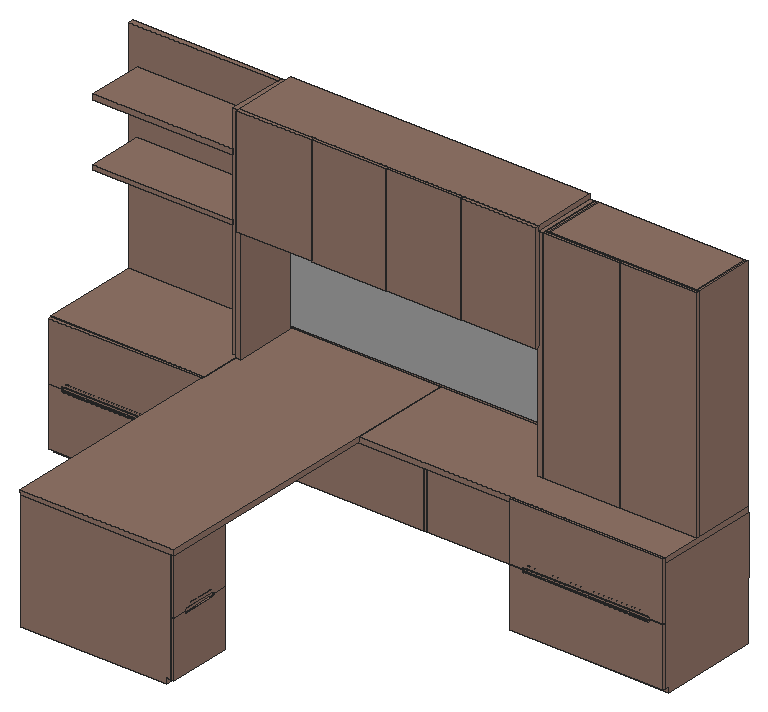
Revit family "OFS TYPICAL T100008", category Furniture, Revit 2022 (continued)
Definition of nested family "OFS SLATE WORKSURFACE STORAGE CABINET"
  Types (24): name | Width | Single Door | Right | Model | Left | Height | Double Doors | Doors | Description | Depth
    Worksurface Storage Cabinet Legal Depth 51.5H - Single Door Right - 18W x 15D | 1' - 6" | yes | yes | "CA-181852WSCR" | no | 4' - 4" | no | no | "OFS SLATE Worksurface Storage Cabinet, Legal Depth, Single Door Right 18W x 15D x 51.5H, Slate Private Office" | 1' - 6"
    Worksurface Storage Cabinet Legal Depth 39.5H - Single Door Left - 24W x 15D | 2' - 0" | yes | no | "CA-241840WSCL" | yes | 3' - 4" | no | yes | "OFS SLATE Worksurface Storage Cabinet, Legal Depth, Single Door Left 24W x 15D x 39.5H, Slate Private Office" | 1' - 6"
    Worksurface Storage Cabinet Legal Depth 39.5H - Single Door Left - 18W x 15D | 1' - 6" | yes | no | "CA-181840WSCL" | yes | 3' - 4" | no | yes | "OFS SLATE Worksurface Storage Cabinet, Legal Depth, Single Door Left 18W x 15D x 39.5H, Slate Private Office" | 1' - 6"
    Worksurface Storage Cabinet Legal Depth 39.5H - Single Door Right - 24W x 15D | 2' - 0" | yes | yes | "CA-241840WSCR" | no | 3' - 4" | no | no | "OFS SLATE Worksurface Storage Cabinet, Legal Depth, Single Door Right 24W x 15D x 39.5H, Slate Private Office" | 1' - 6"
    Worksurface Storage Cabinet Legal Depth 39.5H - Single Door Right - 18W x 15D | 1' - 6" | yes | yes | "CA-181840WSCR" | no | 3' - 4" | no | no | "OFS SLATE Worksurface Storage Cabinet, Legal Depth, Single Door Right 18W x 15D x 39.5H, Slate Private Office" | 1' - 6"
    Worksurface Storage Cabinet 51.5H - Double Doors - 36W x 15D | 3' - 0" | no | no | "CA-3652WSC" | no | 4' - 4" | yes | yes | "OFS SLATE Worksurface Storage Cabinet Double Doors 36W x 15D x 51.5H, Slate Private Office" | 1' - 3"
    Worksurface Storage Cabinet 51.5H - Double Doors - 30W x 15D | 2' - 6" | no | no | "CA-3052WSC" | no | 4' - 4" | yes | yes | "OFS SLATE Worksurface Storage Cabinet Double Doors 30W x 15D x 51.5H, Slate Private Office" | 1' - 3"
    Worksurface Storage Cabinet 39.5H - Double Doors - 36W x 15D | 3' - 0" | no | no | "CA-3640WSC" | no | 3' - 4" | yes | yes | "OFS SLATE Worksurface Storage Cabinet Double Doors 36W x 15D x 39.5H, Slate Private Office" | 1' - 3"
    Worksurface Storage Cabinet 39.5H - Double Doors - 30W x 15D | 2' - 6" | no | no | "CA-3040WSC" | no | 3' - 4" | yes | yes | "OFS SLATE Worksurface Storage Cabinet Double Doors 30W x 15D x 39.5H, Slate Private Office" | 1' - 3"
    Worksurface Storage Cabinet 51.5H - Single Door Left - 24W x 15D | 2' - 0" | yes | no | "CA-2452WSCL" | yes | 4' - 4" | no | yes | "OFS SLATE Worksurface Storage Cabinet Single Door Left 24W x 15D x 51.5H, Slate Private Office" | 1' - 3"
    Worksurface Storage Cabinet 51.5H - Single Door Left - 18W x 15D | 1' - 6" | yes | no | "CA-1852WSCL" | yes | 4' - 4" | no | yes | "OFS SLATE Worksurface Storage Cabinet Single Door Left 18W x 15D x 51.5H, Slate Private Office" | 1' - 3"
    Worksurface Storage Cabinet 51.5H - Single Door Right - 24W x 15D | 2' - 0" | yes | yes | "CA-2452WSCR" | no | 4' - 4" | no | no | "OFS SLATE Worksurface Storage Cabinet Single Door Right 24W x 15D x 51.5H, Slate Private Office" | 1' - 3"
    Worksurface Storage Cabinet 51.5H - Single Door Right - 18W x 15D | 1' - 6" | yes | yes | "CA-1852WSCR" | no | 4' - 4" | no | no | "OFS SLATE Worksurface Storage Cabinet Single Door Right 18W x 15D x 51.5H, Slate Private Office" | 1' - 3"
    Worksurface Storage Cabinet 39.5H - Single Door Left - 24W x 15D | 2' - 0" | yes | no | "CA-2440WSCL" | yes | 3' - 4" | no | yes | "OFS SLATE Worksurface Storage Cabinet Single Door Left 24W x 15D x 39.5H, Slate Private Office" | 1' - 3"
    Worksurface Storage Cabinet 39.5H - Single Door Left - 18W x 15D | 1' - 6" | yes | no | "CA-1840WSCL" | yes | 3' - 4" | no | yes | "OFS SLATE Worksurface Storage Cabinet Single Door Left 18W x 15D x 39.5H, Slate Private Office" | 1' - 3"
    Worksurface Storage Cabinet 39.5H - Single Door Right - 24W x 15D | 2' - 0" | yes | yes | "CA-2440WSCR" | no | 3' - 4" | no | no | "OFS SLATE Worksurface Storage Cabinet Single Door Right 24W x 15D x 39.5H, Slate Private Office" | 1' - 3"
    Worksurface Storage Cabinet 39.5H - Single Door Right - 18W x 15D | 1' - 6" | yes | yes | "CA-1840WSCR" | no | 3' - 4" | no | no | "OFS SLATE Worksurface Storage Cabinet Single Door Right 18W x 15D x 39.5H, Slate Private Office" | 1' - 3"
  Reference planes (in)
    plane 1 "Center (Front/Back)": y = 0
    plane 2: z = 0
    plane 3 "Center (Left/Right)": x = 0
    plane 4: x = 18
    plane 5: x = 9
    plane 6: z = 29.3125
    plane 7: z = 29.25
    plane 8: z = 68.6875
    plane 9: z = 30
    plane 10: z = 68.75
    plane 11: z = 68
    plane 12: z = 69.25
  Dimensions and locks (in)
    "Width": plane 3 "Center (Left/Right)" to plane 4
    equal spacing: plane 3 "Center (Left/Right)", plane 5, plane 4
    plane 12 to plane 10 to plane 8 to plane 11 = 0' - 0 1/2" locked, 0' - 0 1/16" locked, 0' - 0 11/16" locked
    plane 9 to plane 6 to plane 7 = 0' - 0 11/16" locked, 0' - 0 1/16" locked
    "Height": plane 12 to plane 7
    "Elevation": plane 7 to level
    equal spacing: nested 2, nested 4, plane 3 "Center (Left/Right)"
    aligned and locked: level to plane 2
    aligned and locked: nested 3 to nested 1
    aligned and locked: plane 5 to nested 3
    aligned and locked: nested 4 to nested 3
  Nested families (in)
    nested 1: "OFS_Slate Private Office_Worksurface_Storage_Cabinet" at (0, 0, 0), visible <- "Doors", Top <- "Top", Panel <- "Panel", Drawers <- "Door", Case <- "Case", Base <- "Base", Back <- "Back", Elevation <- "Elevation", Double Doors <- "Double Doors", Left <- "Left", type "OFS_Slate Private Office_Worksurface_Storage_Cabinet"
      with Top none, Single Door yes, Right no, Panel none, Left yes, Elevation 2' - 5 1/4", Drawers none, Double Doors no, Case none, Base none, Back none, Depth 1' - 6"
    nested 2: "OFS_Slate Private Office_Worksurface_Storage_Cabinet" at (0, 0, 0) x (-1, 0, 0) z (0, 0, 1), visible <- "Right", Top <- "Top", Panel <- "Panel", Drawers <- "Door", Case <- "Case", Base <- "Base", Back <- "Back", Elevation <- "Elevation", type "OFS_Slate Private Office_Worksurface_Storage_Cabinet"
      with Top none, Single Door yes, Right no, Panel none, Left yes, Elevation 2' - 5 1/4", Drawers none, Double Doors no, Case none, Base none, Back none, Depth 1' - 6"
    nested 3: "Tag" at (9, -21, 0) x (-1, 0, 0) z (0, 0, 1), visible <- "Doors", type "Center", detail levels fine
      with Offset (LR) 0' - 0"
    nested 4: "Tag" at (-9, -21, 0), visible <- "Right", type "Center", detail levels fine
      with Offset (LR) 0' - 0"
  Definition of nested family "OFS_Slate Private Office_Worksurface_Storage_Cabinet"
    Parameters
      Width = 1' - 6"
      URL = "http://www.ofsbrands.com/"
      Top [instance] = none
      Single Door [instance] = yes
      Right [instance] = no
      Panel [instance] = none
      Model = "Type Catalog"
      Manufacturer = "OFS BRANDS"  # constant formula
      Left [instance] = yes
      Height = 3' - 4"
      Elevation [instance] = 2' - 5 1/4"
      Drawers [instance] = none
      Double Doors [instance] = no
      Description = "Type Catalog"
      Depth = 1' - 3"
      Default Elevation = 0' - 0"
      Copyright © = "© 2016 OFS BRANDS"  # constant formula
      Catalog = "OFS"  # constant formula
      Case [instance] = none
      Base [instance] = none
      Back [instance] = none
      Authoring Version = "Autodesk Revit Architecture 2014"  # constant formula
      Assembly Code = "E2020200"
    Reference planes (in)
      plane 1 "Center (Front/Back)": y = 0
      plane 2: z = 0
      plane 3 "Center (Left/Right)": x = 0
      plane 4: x = 0.75
      plane 5: x = 17.25
      plane 6: x = 18
      plane 7: x = 17.9375
      plane 8: x = 0.0625
      plane 9: x = 9
      plane 10: y = -0.75
      plane 11: y = -18
      plane 12: y = -15.10681
      plane 13: y = -14.35681
      plane 14: y = -14.25
      plane 15: z = 29.3125
      plane 16: z = 29.25
      plane 17: z = 68.6875
      plane 18: z = 30
      plane 19: z = 68.75
      plane 20: z = 68
      plane 21: z = 69.25
      plane 22: y = -15
    Forms (in)
      Extrusion 1, solid, material <- "Case"
        sketch origin (0, 0, 0) x (1, 0, 0) y (0, 0, 1)
          loop
            line (0, 68.75) -> (0, 29.25) -> (0.75, 29.25) -> (0.75, 68.75) -> (0, 68.75)
          loop
            line (17.25, 68.75) -> (17.25, 29.25) -> (18, 29.25) -> (18, 68.75) -> (17.25, 68.75)
        from 0 to 14.25
      Extrusion 2, solid, material <- "Drawers", visible <- "Double Doors"
        sketch origin (-3.04745, -15.10681, 47.24409) x (-1, 0, 0) y (0, 0, 1)
          loop
            line (-11.98495, 21.44341) -> (-11.98495, -17.9316) -> (-3.10995, -17.9316) -> (-3.10995, 21.44341) -> (-11.98495, 21.44341)
          loop
            line (-12.10995, 21.44341) -> (-20.98495, 21.44341) -> (-20.98495, -17.9316) -> (-12.10995, -17.9316) -> (-12.10995, 21.44341)
        from 0 to 0.75
      Extrusion 3, solid, material <- "Drawers", visible <- "Single Door"
        sketch origin (-3.04745, -15.10681, 47.24409) x (-1, 0, 0) y (0, 0, 1)
          loop
            line (-3.10995, 21.44341) -> (-20.98495, 21.44341) -> (-20.98495, -17.9316) -> (-3.10995, -17.9316) -> (-3.10995, 21.44341)
        from 0 to 0.75
      Extrusion 4, solid, material <- "Back"
        sketch origin (59.59592, -60, 29.25) x (0, -1, 0) y (-1, 0, 0)
          loop
            line (-60, 58.84592) -> (-60, 42.34592) -> (-59.25, 42.34592) -> (-59.25, 58.84592) -> (-60, 58.84592)
        from 0 to -38.75
      Extrusion 5, solid, material <- "Top"
        sketch origin (-3.04745, -14.25, 47.24409) x (-1, 0, 0) y (0, 0, 1)
          loop
            line (-3.79745, 20.7559) -> (-3.79745, 21.5059) -> (-20.29745, 21.5059) -> (-20.29745, 20.7559) -> (-3.79745, 20.7559)
        from 0 to 14.25
      Extrusion 6, solid, material <- "Base"
        sketch origin (-3.04745, -14.25, 47.24409) x (-1, 0, 0) y (0, 0, 1)
          loop
            line (-3.79745, -17.24409) -> (-20.29745, -17.24409) -> (-20.29745, -17.99409) -> (-3.79745, -17.99409) -> (-3.79745, -17.24409)
        from 0 to 13.5
    Lines and regions (in)
      Masking region 1
        outline origin (-58.79662, -60, 68.75) x (-1, 0, 0) y (0, -1, 0)
          loop
            line (-58.79662, -60) -> (-58.79662, -44.89319) -> (-76.79662, -44.89319) -> (-76.79662, -60) -> (-58.79662, -60)
      symbolic lines, visible <- "Left", detail levels medium+fine
        curve 1: line (0, -15.10681, 68.75) -> (18, -18, 68.75)
        curve 3: line (18, -18, 68.75) -> (18, -15.10681, 68.75)
      symbolic lines, detail levels medium+fine
        curve 2: line (18, -15.10681, 68.75) -> (0, -15.10681, 68.75)
      symbolic lines, visible <- "Right", detail levels medium+fine
        curve 4: line (0, -18, 68.75) -> (18, -15.10681, 68.75)
        curve 5: line (0, -15.10681, 68.75) -> (0, -18, 68.75)
      symbolic lines, visible <- "Double Doors", detail levels medium+fine
        curve 6: line (0, -15.10681, 68.75) -> (9, -18, 68.75)
        curve 7: line (18, -15.10681, 68.75) -> (9, -18, 68.75)
    Dimensions and locks (in)
      locked: plane 10 to plane 1 "Center (Front/Back)" at 0.75
      plane 14 to plane 13 to plane 22 to plane 12 to plane 11 = 0' - 0.10681" locked, 0' - 0.64319" locked, 0' - 0.10681" locked, 0' - 2.89319" locked
      plane 3 "Center (Left/Right)" to plane 8 to plane 4 = 0' - 0 1/16" locked, 0' - 0 11/16" locked
      plane 5 to plane 7 to plane 6 = 0' - 0 11/16" locked, 0' - 0 1/16" locked
      "Width": plane 3 "Center (Left/Right)" to plane 6
      equal spacing: plane 3 "Center (Left/Right)", plane 9, plane 6
      plane 21 to plane 19 to plane 17 to plane 20 = 0' - 0 1/2" locked, 0' - 0 1/16" locked, 0' - 0 11/16" locked
      plane 18 to plane 15 to plane 16 = 0' - 0 11/16" locked, 0' - 0 1/16" locked
      "Height": plane 21 to plane 16
      "Elevation": plane 16 to level
      Extrusion 2 sketch curve to plane 9 to Extrusion 2 sketch curve = 0' - 0 1/16" locked, 0' - 0 1/16" locked
      "Depth": plane 1 "Center (Front/Back)" to plane 22
      aligned and locked: level to plane 2
      aligned and locked: Extrusion 1 sketch curve to plane 19  (x2)
      aligned and locked: plane 3 "Center (Left/Right)" to Extrusion 1 sketch curve
      aligned and locked: Extrusion 1 sketch curve to plane 16  (x2)
      aligned and locked: Extrusion 1 sketch curve to plane 4
      aligned and locked: Extrusion 1 sketch curve to plane 5
      aligned and locked: Extrusion 1 sketch curve to plane 6
      aligned and locked: Extrusion 1 to plane 14
      aligned and locked: Extrusion 2 sketch curve to plane 17
      aligned and locked: plane 15 to Extrusion 2 sketch curve
      aligned and locked: plane 17 to Extrusion 2 sketch curve
      aligned and locked: Extrusion 2 sketch curve to plane 15
      aligned and locked: Extrusion 2 sketch curve to plane 7
      aligned and locked: Extrusion 3 sketch curve to Extrusion 2  (x3)
      aligned and locked: Extrusion 3 sketch curve to plane 17
      aligned and locked: Extrusion 2 to plane 13
      aligned and locked: Extrusion 4 sketch curve to Extrusion 1
      aligned and locked: Extrusion 1 to Extrusion 4 sketch curve
      aligned and locked: plane 10 to Extrusion 4 sketch curve
      aligned and locked: plane 5 to Extrusion 4 sketch curve
      aligned and locked: Extrusion 4 to plane 20
      aligned and locked: Extrusion 5 sketch curve to Extrusion 4  (x2)
      aligned and locked: Extrusion 1 to Extrusion 5 sketch curve  (x2)
      aligned and locked: Extrusion 6 sketch curve to plane 18
      aligned and locked: Extrusion 6 sketch curve to plane 4
      aligned and locked: Extrusion 6 sketch curve to Extrusion 4
      aligned and locked: Extrusion 6 sketch curve to Extrusion 1
      aligned and locked: plane 10 to Extrusion 6
      aligned and locked: Extrusion 5 to plane 1 "Center (Front/Back)"
      aligned and locked: Extrusion 5 to plane 14
      aligned and locked: Masking region 1 sketch curve to Extrusion 1  (x3)
      aligned and locked: plane 12 to Masking region 1 sketch curve
      aligned and locked: plane 12 to curve 1
      aligned and locked: plane 11 to curve 1
      aligned and locked: curve 3 to plane 6
      aligned and locked: plane 12 to curve 4
      aligned and locked: curve 4 to plane 3 "Center (Left/Right)"
      aligned and locked: plane 11 to curve 4
      aligned and locked: Extrusion 3 to plane 13
      aligned and locked: curve 6 to plane 9
      aligned and locked: plane 3 "Center (Left/Right)" to curve 6
      aligned and locked: plane 6 to curve 7
    Automatic sketch dimensions
      Extrusion 2 sketch curve to plane 8 = 0' - 0"
      plane 11 to curve 6 = 0' - 0"
  Definition of nested family "Tag"
    Parameters
      P_Width = 0' - 0"
      Text_Width = "Empty"
      Text_Height = "Empty"
      Text_Diameter = "Empty"
      Text_Depth = "Empty"
      Offset (LR) [instance] = 0' - 0"
      Model Name = "Type Catalog"
      P_Height = 0' - 0"
      Distance of Center (not Change) = 0' - 0.1"
      P_Diameter = 0' - 0"
      P_Depth = 0' - 0"
    Reference planes (in)
      plane 1: y = 0
      plane 2: x = 0
    Lines and regions (in)
      reference lines
        curve 1: line (-0.44359, 0.1, 0) -> (0.41085, 0.1, 0)
        curve 3: line (0, 0.42564, 0) -> (0, -0.30221, 0)
      reference lines, not visible
        curve 2: line (-0.44359, 0.09843, 0) -> (0.41085, 0.09843, 0)
        curve 4: line (0, 0.42407, 0) -> (0, -0.30379, 0)
    Text (in)
      label "Empty" at (0.00197, 0.0921, 0), shows "Model Name"
      label "Empty" at (0.00197, 0.09052, 0), shows "Model Name", not visible
    Dimensions and locks (in)
      "Distance of Center (not Change)": plane 1 to curve 1
      "Offset (LR)": curve 3 to plane 2
    Automatic sketch dimensions
      curve 1 to curve 3 = 0' - 0.44359"
      curve 3 to curve 1 = 0' - 0.41085"
      curve 3 to curve 1 = 0' - 0.40221"
      curve 1 to curve 3 = 0' - 0.32564"
      curve 2 to curve 4 = 0' - 0.44359"
      curve 4 to curve 2 = 0' - 0.41085"
      curve 4 to curve 2 = 0' - 0.40221"
      curve 2 to curve 4 = 0' - 0.32564"
Definition of nested family "OFS SLATE TACKBOARDS"
  Parameters (values of type "Tackboard 102W x 19D")
    Width = 8' - 6"
    URL = "http://www.ofs.com/"
    Model = "CA-10219HFT"
    Manufacturer = "CAROLINA"
    Height = 1' - 7"
    Elevation [instance] = 2' - 6 1/2"
    Description = "OFS SLATE Inside Back Panel, Fabric Tackboard, 98.50W x 19D x 0,5H, Slate Private Office"
    Default Elevation = 0' - 0"
    Copyright © = "© 2019 OFS"
    Catalog = "https://ofs.com/products/tables/conference/slate"
    Board [instance] = none
    Authoring Version = "Autodesk Revit Architecture 2014"
    Assembly Code = "E2020200"
    2 Piece = Width > 8' 0"  # yes
    1 Piece = not([2 Piece])  # no
  Types (18): name | Width | Model | Height | Description | 2 Piece | 1 Piece
    Tackboard 108W x 25D | 9' - 0" | "CA-10825HFT" | 2' - 1" | "OFS SLATE Inside Back Panel, Fabric Tackboard, 104.50W x 25D x 0,5H, Slate Private Office" | yes | no
    Tackboard 102W x 25D | 8' - 6" | "CA-10225HFT" | 2' - 1" | "OFS SLATE Inside Back Panel, Fabric Tackboard, 98.50W x 25D x 0,5H, Slate Private Office" | yes | no
    Tackboard 96W x 25D | 8' - 0" | "CA-9625HFT" | 2' - 1" | "OFS SLATE Inside Back Panel, Fabric Tackboard, 92.50W x 25D x 0,5H, Slate Private Office" | no | yes
    Tackboard 90W x 25D | 7' - 6" | "CA-9025HFT" | 2' - 1" | "OFS SLATE Inside Back Panel, Fabric Tackboard, 86.50W x 25D x 0,5H, Slate Private Office" | no | yes
    Tackboard 84W x 25D | 7' - 0" | "CA-8425HFT" | 2' - 1" | "OFS SLATE Inside Back Panel, Fabric Tackboard, 80.50W x 25D x 0,5H, Slate Private Office" | no | yes
    Tackboard 78W x 25D | 6' - 6" | "CA-7825HFT" | 2' - 1" | "OFS SLATE Inside Back Panel, Fabric Tackboard, 74.50W x 25D x 0,5H, Slate Private Office" | no | yes
    Tackboard 72W x 25D | 6' - 0" | "CA-7225HFT" | 2' - 1" | "OFS SLATE Inside Back Panel, Fabric Tackboard, 68.50W x 25D x 0,5H, Slate Private Office" | no | yes
    Tackboard 66W x 25D | 5' - 6" | "CA-6625HFT" | 2' - 1" | "OFS SLATE Inside Back Panel, Fabric Tackboard, 62.50W x 25D x 0,5H, Slate Private Office" | no | yes
    Tackboard 60W x 25D | 5' - 0" | "CA-6025HFT" | 2' - 1" | "OFS SLATE Inside Back Panel, Fabric Tackboard, 56.50W x 25D x 0,5H, Slate Private Office" | no | yes
    Tackboard 108W x 19D | 9' - 0" | "CA-10819HFT" | 1' - 7" | "OFS SLATE Inside Back Panel, Fabric Tackboard, 104.50W x 19D x 0,5H, Slate Private Office" | yes | no
    Tackboard 102W x 19D | 8' - 6" | "CA-10219HFT" | 1' - 7" | "OFS SLATE Inside Back Panel, Fabric Tackboard, 98.50W x 19D x 0,5H, Slate Private Office" | yes | no
    Tackboard 96W x 19D | 8' - 0" | "CA-9619HFT" | 1' - 7" | "OFS SLATE Inside Back Panel, Fabric Tackboard, 92.50W x 19D x 0,5H, Slate Private Office" | no | yes
    Tackboard 90W x 19D | 7' - 6" | "CA-9019HFT" | 1' - 7" | "OFS SLATE Inside Back Panel, Fabric Tackboard, 86.50W x 19D x 0,5H, Slate Private Office" | no | yes
    Tackboard 84W x 19D | 7' - 0" | "CA-8419HFT" | 1' - 7" | "OFS SLATE Inside Back Panel, Fabric Tackboard, 80.50W x 19D x 0,5H, Slate Private Office" | no | yes
    Tackboard 78W x 19D | 6' - 6" | "CA-7819HFT" | 1' - 7" | "OFS SLATE Inside Back Panel, Fabric Tackboard, 74.50W x 19D x 0,5H, Slate Private Office" | no | yes
    Tackboard 72W x 19D | 6' - 0" | "CA-7219HFT" | 1' - 7" | "OFS SLATE Inside Back Panel, Fabric Tackboard, 68.50W x 19D x 0,5H, Slate Private Office" | no | yes
    Tackboard 66W x 19D | 5' - 6" | "CA-6619HFT" | 1' - 7" | "OFS SLATE Inside Back Panel, Fabric Tackboard, 62.50W x 19D x 0,5H, Slate Private Office" | no | yes
    Tackboard 60W x 19D | 5' - 0" | "CA-6019HFT" | 1' - 7" | "OFS SLATE Inside Back Panel, Fabric Tackboard, 56.50W x 19D x 0,5H, Slate Private Office" | no | yes
  Reference planes (in)
    plane 1 "Center (Front/Back)": y = 0
    plane 2: z = 0
    plane 3 "Center (Left/Right)": x = 0
    plane 4: x = 51
    plane 5: x = 1.8125
    plane 6: x = 100.1875
    plane 7: x = 102
    plane 8: z = 30.5
    plane 9: z = 49.5
  Forms (in)
    Extrusion 1, solid, material <- "Board", visible <- "1 Piece"
      sketch origin (1.8125, -1.1875, 47.24409) x (0, -1, 0) y (0, 0, 1)
        loop
          line (-0.4375, 2.25591) -> (-0.4375, -16.74409) -> (0, -16.74409) -> (0, 2.25591) -> (-0.4375, 2.25591)
      from 0 to -98.375
    Extrusion 2, solid, material <- "Board", visible <- "2 Piece"
      sketch origin (1.8125, -1.1875, 47.24409) x (0, -1, 0) y (0, 0, 1)
        loop
          line (-0.4375, 2.25591) -> (-0.4375, -16.74409) -> (0, -16.74409) -> (0, 2.25591) -> (-0.4375, 2.25591)
      from 0 to -49.1875
    Extrusion 3, solid, material <- "Board", visible <- "2 Piece"
      sketch origin (58.1875, -1.1875, 47.24409) x (0, -1, 0) y (0, 0, -1)
        loop
          line (-0.4375, -2.25591) -> (0, -2.25591) -> (0, 16.74409) -> (-0.4375, 16.74409) -> (-0.4375, -2.25591)
      from 42 to -7.1875
  Lines and regions (in)
    Masking region 1
      outline origin (71.16612, -60, 49.5) x (0, -1, 0) y (1, 0, 0)
        loop
          line (-59.25, -69.35362) -> (-58.8125, -69.35362) -> (-58.8125, 29.02138) -> (-59.25, 29.02138) -> (-59.25, -69.35362)
    symbolic lines, visible <- "2 Piece", detail levels medium+fine
      curve 1: line (51, -1.1875, 49.5) -> (51, -0.75, 49.5)
  Dimensions and locks (in)
    locked: plane 3 "Center (Left/Right)" to plane 5 at 1.8125
    locked: plane 6 to plane 7 at 1.8125
    "Width": plane 3 "Center (Left/Right)" to plane 7
    equal spacing: plane 5, plane 4, plane 6
    "Elevation": plane 8 to level
    "Height": plane 9 to plane 8
    aligned and locked: level to plane 2
    aligned and locked: plane 8 to Extrusion 1 sketch curve
    aligned and locked: plane 9 to Extrusion 1 sketch curve
    aligned and locked: plane 6 to Extrusion 1
    aligned and locked: Extrusion 2 sketch curve to Extrusion 1  (x2)
    aligned and locked: Extrusion 2 to plane 4
    aligned and locked: plane 4 to Extrusion 3
    aligned and locked: plane 6 to Extrusion 3
    aligned and locked: plane 9 to Extrusion 3 sketch curve
    aligned and locked: plane 8 to Extrusion 3 sketch curve
    aligned and locked: nested 1 to Extrusion 3
    aligned and locked: plane 4 to nested 1
    aligned and locked: Masking region 1 sketch curve to Extrusion 1  (x2)
    aligned and locked: plane 4 to curve 1
  Automatic sketch dimensions
    plane 1 "Center (Front/Back)" to Extrusion 1 sketch curve = 0' - 0 3/4"
    Extrusion 1 sketch curve to Extrusion 1 sketch curve = 0' - 0 7/16"
    plane 1 "Center (Front/Back)" to Extrusion 2 sketch curve = 0' - 0 3/4"
    Extrusion 2 sketch curve to Extrusion 2 sketch curve = 0' - 0 7/16"
    plane 1 "Center (Front/Back)" to Extrusion 3 sketch curve = 0' - 0 3/4"
    Extrusion 3 sketch curve to Extrusion 3 sketch curve = 0' - 0 7/16"
    plane 1 "Center (Front/Back)" to Masking region 1 sketch curve = 0' - 0 3/4"
    Masking region 1 sketch curve to Masking region 1 sketch curve = 0' - 0 7/16"
    plane 1 "Center (Front/Back)" to curve 1 = 0' - 0 3/4"
    plane 1 "Center (Front/Back)" to curve 1 = 0' - 1 3/16"
  Nested families (in)
    nested 1: "Tag" at (51, -1.1875, 0), type "Center", detail levels fine
      with Offset (LR) 0' - 0", Distance of Center (not Change) 0' - 0.11"
  Definition of nested family "Tag"
    Parameters
      P_Width = 0' - 0"
      Text_Width = "Empty"
      Text_Height = "Empty"
      Text_Diameter = "Empty"
      Text_Depth = "Empty"
      Offset (LR) [instance] = 0' - 0"
      Model Name = "Type Catalog"
      P_Height = 0' - 0"
      Distance of Center (not Change) = 0' - 0.1"
      P_Diameter = 0' - 0"
      P_Depth = 0' - 0"
    Reference planes (in)
      plane 1: y = 0
      plane 2: x = 0
    Lines and regions (in)
      reference lines
        curve 1: line (-0.44359, 0.1, 0) -> (0.41085, 0.1, 0)
        curve 3: line (0, 0.42564, 0) -> (0, -0.30221, 0)
      reference lines, not visible
        curve 2: line (-0.44359, 0.09843, 0) -> (0.41085, 0.09843, 0)
        curve 4: line (0, 0.42407, 0) -> (0, -0.30379, 0)
    Text (in)
      label "Empty" at (0.00197, 0.0921, 0), shows "Model Name"
      label "Empty" at (0.00197, 0.09052, 0), shows "Model Name", not visible
    Dimensions and locks (in)
      "Distance of Center (not Change)": plane 1 to curve 1
      "Offset (LR)": curve 3 to plane 2
    Automatic sketch dimensions
      curve 1 to curve 3 = 0' - 0.44359"
      curve 3 to curve 1 = 0' - 0.41085"
      curve 3 to curve 1 = 0' - 0.40221"
      curve 1 to curve 3 = 0' - 0.32564"
      curve 2 to curve 4 = 0' - 0.44359"
      curve 4 to curve 2 = 0' - 0.41085"
      curve 4 to curve 2 = 0' - 0.40221"
      curve 2 to curve 4 = 0' - 0.32564"
Definition of nested family "OFS SLATE PENINSULA WORKTABLE WITH PEDESTAL"
  Parameters (values of type "Peninsula Work Table Pedestal Left - 66"W x 30"D")
    Width = 5' - 6"
    URL = "http://www.ofs.com/"
    Right = no
    Panel [instance] = none
    Model = "CA-6630WPWPL-2"
    Manufacturer = "CAROLINA"
    Left = yes
    Glides [instance] = none
    Drawers [instance] = none
    Doors [instance] = none
    Description = "OFS CAROLINA SLATE Peninsula Work Table, 15\" Pedestal Left, 66W x 30D x 29.25H, Slate Private Office"
    Depth = 2' - 6"
    Default Elevation = 0' - 0"
    Copyright © = "© 2019 OFS"
    Catalog = "OFS"
    Case [instance] = none
    Authoring Version = "Autodesk Revit Architecture 2014"
    Assembly Code = "E2020200"
  Types (12): name | Width | Right | Model | Left | Description | Depth
    Peninsula Work Table Pedestal Left - 84"W x 36"D | 7' - 0" | no | "CA-8436WPWPL-2" | yes | "OFS CAROLINA SLATE Peninsula Work Table, 15\" Pedestal Left, 84W x 36D x 29.25H, Slate Private Office" | 3' - 0"
    Peninsula Work Table Pedestal Left - 78"W x 36"D | 6' - 6" | no | "CA-7836WPWPL-2" | yes | "OFS CAROLINA SLATE Peninsula Work Table, 15\" Pedestal Left, 78W x 36D x 29.25H, Slate Private Office" | 3' - 0"
    Peninsula Work Table Pedestal Left - 72"W x 36"D | 6' - 0" | no | "CA-7236WPWPL-2" | yes | "OFS CAROLINA SLATE Peninsula Work Table, 15\" Pedestal Left, 72W x 36D x 29.25H, Slate Private Office" | 3' - 0"
    Peninsula Work Table Pedestal Left - 72"W x 30"D | 6' - 0" | no | "CA-7230WPWPL-2" | yes | "OFS CAROLINA SLATE Peninsula Work Table, 15\" Pedestal Left, 72W x 30D x 29.25H, Slate Private Office" | 2' - 6"
    Peninsula Work Table Pedestal Left - 66"W x 30"D | 5' - 6" | no | "CA-6630WPWPL-2" | yes | "OFS CAROLINA SLATE Peninsula Work Table, 15\" Pedestal Left, 66W x 30D x 29.25H, Slate Private Office" | 2' - 6"
    Peninsula Work Table Pedestal Left - 60"W x 30"D | 5' - 0" | no | "CA-6030WPWPL-2" | yes | "OFS CAROLINA SLATE Peninsula Work Table, 15\" Pedestal Left, 60W x 30D x 29.25H, Slate Private Office" | 2' - 6"
    Peninsula Work Table Pedestal Right - 84"W x 36"D | 7' - 0" | yes | "CA-8436WPWPR-2" | no | "OFS CAROLINA SLATE Peninsula Work Table, 15\" Pedestal Right, 84W x 36D x 29.25H, Slate Private Office" | 3' - 0"
    Peninsula Work Table Pedestal Right - 78"W x 36"D | 6' - 6" | yes | "CA-7836WPWPR-2" | no | "OFS CAROLINA SLATE Peninsula Work Table, 15\" Pedestal Right, 78W x 36D x 29.25H, Slate Private Office" | 3' - 0"
    Peninsula Work Table Pedestal Right - 72"W x 36"D | 6' - 0" | yes | "CA-7236WPWPR-2" | no | "OFS CAROLINA SLATE Peninsula Work Table, 15\" Pedestal Right, 72W x 36D x 29.25H, Slate Private Office" | 3' - 0"
    Peninsula Work Table Pedestal Right - 72"W x 30"D | 6' - 0" | yes | "CA-7230WPWPR-2" | no | "OFS CAROLINA SLATE Peninsula Work Table, 15\" Pedestal Right, 72W x 30D x 29.25H, Slate Private Office" | 2' - 6"
    Peninsula Work Table Pedestal Right - 66"W x 30"D | 5' - 6" | yes | "CA-6630WPWPR-2" | no | "OFS CAROLINA SLATE Peninsula Work Table, 15\" Pedestal Right, 66W x 30D x 29.25H, Slate Private Office" | 2' - 6"
    Peninsula Work Table Pedestal Right - 60"W x 30"D | 5' - 0" | yes | "CA-6030WPWPR-2" | no | "OFS CAROLINA SLATE Peninsula Work Table, 15\" Pedestal Right, 60W x 30D x 29.25H, Slate Private Office" | 2' - 6"
  Reference planes (in)
    plane 1 "Center (Front/Back)": y = 0
    plane 2: z = 0
    plane 3 "Center (Left/Right)": x = 0
    plane 4: x = 66
    plane 5: y = -30
    plane 6: y = -15
    plane 7: x = 33
    plane 8: x = -66
    plane 9: x = -33
  Lines and regions (in)
    reference lines, visible <- "Left"
      curve 1: line (-66, 0, 29.2) -> (0, 0, 29.2)
    reference lines, visible <- "Right"
      curve 2: line (66, 0, 29.2) -> (0, 0, 29.2)
  Dimensions and locks (in)
    "Width": plane 3 "Center (Left/Right)" to plane 4
    "Depth": plane 1 "Center (Front/Back)" to plane 5
    equal spacing: plane 3 "Center (Left/Right)", plane 7, plane 4
    "Width": plane 3 "Center (Left/Right)" to plane 8
    equal spacing: plane 3 "Center (Left/Right)", plane 9, plane 8
    aligned and locked: level to plane 2
    aligned and locked: plane 5 to nested 2
    aligned and locked: plane 7 to nested 2
    aligned and locked: nested 4 to plane 5
    aligned and locked: nested 4 to plane 9
  Automatic sketch dimensions
    plane 1 "Center (Front/Back)" to curve 2 = 0' - 0"
    curve 2 to plane 4 = 0' - 0"
    curve 1 to plane 3 "Center (Left/Right)" = 0' - 0"
    curve 1 to plane 8 = 0' - 0"
  Nested families (in)
    nested 1: "2OFS_Slate Private Office_Work Table_Pedestal" at (0, 0, 0), Panel <- "Panel", Glides <- "Glides", Drawers <- "Drawers", Doors <- "Doors", Case <- "Case", visible <- "Right", type "2OFS_Slate Private Office_Work Table_Pedestal"
      with Panel none, Glides none, Drawers none, Doors none, Case none, Width 5' - 6", Right no
    nested 2: "Tag" at (33, -30, 0) x (-1, 0, 0) z (0, 0, 1), visible <- "Right", type "Center", detail levels fine
      with Offset (LR) 0' - 0"
    nested 3: "2OFS_Slate Private Office_Work Table_Pedestal" at (0, 0, 0) x (-1, 0, 0) z (0, 0, 1), Panel <- "Panel", Glides <- "Glides", Drawers <- "Drawers", Doors <- "Doors", Case <- "Case", visible <- "Left", type "2OFS_Slate Private Office_Work Table_Pedestal"
      with Panel none, Glides none, Drawers none, Doors none, Case none, Width 5' - 6", Right no
    nested 4: "Tag" at (-33, -30, 0), visible <- "Left", type "Center", detail levels fine
      with Offset (LR) 0' - 0"
  Definition of nested family "2OFS_Slate Private Office_Work Table_Pedestal"
    Parameters
      Width = 5' - 0"
      URL = "http://www.ofsbrands.com/"
      Type = 1
      Right = yes
      Panel [instance] = none
      Model = "Type Catalog"
      Manufacturer = "OFS BRANDS"  # constant formula
      Left = no
      Glides [instance] = none
      Drawers [instance] = none
      Doors [instance] = none
      Description = "Type Catalog"
      Depth = 2' - 6"
      Default Elevation = 0' - 0"
      Copyright © = "© 2016 OFS BRANDS"  # constant formula
      Catalog = "OFS"  # constant formula
      Case [instance] = none
      Authoring Version = "Autodesk Revit Architecture 2014"  # constant formula
      Assembly Code = "E2020200"
    Reference planes (in)
      plane 1 "Center (Front/Back)": y = 0
      plane 2: z = 0
      plane 3 "Center (Left/Right)": x = 0
      plane 4: x = 60
      plane 5: z = 27.95
      plane 6: z = 28.0125
      plane 7: z = 29.2
      plane 8: z = 14.8875
      plane 9: z = 14.7625
      plane 10: z = 2.45
      plane 11: z = 1.7
      plane 12: z = 0.45
      plane 13: x = 30
      plane 14: y = -30
      plane 15: y = -0.75
      plane 16: y = -1.37544
      plane 17: y = -29.9375
      plane 18: y = -2.25
      plane 19: y = -27.04895
      plane 20: y = -26.5625
      plane 21: y = -27.5625
      plane 22: y = -28.3125
      plane 23: y = -29.1875
      plane 24: x = 0.75
      plane 25: x = 3.25
      plane 26: x = 4
      plane 27: x = 45
      plane 28: x = 59.25
      plane 29: y = -15
      plane 30: y = -2.01355
      plane 31: y = -27.92395
      plane 32: z = 15.0125
      plane 33: x = 52.125
    Forms (in)
      Revolve 1, solid, material <- "Glides"
        sketch origin (64.48096, -1.37544, 47.24409) x (1, 0, 0) y (0, 0, 1)
          loop
            line (-18.09005, -46.79409) -> (-18.34005, -46.79409) -> (-18.34005, -46.99165) -> (-18.37873, -46.99165)
            arc (-18.37873, -46.99165) -> (-18.45891, -47.13312) -> (-18.34005, -47.24409) r 0.13132
            line (-18.34005, -47.24409) -> (-18.09005, -47.24409) -> (-18.09005, -46.79409)
          axis (-18.09005, -46.79409) -> (-18.09005, -47.24409)
        angle from 0 to 360
      Revolve 2, solid, material <- "Glides"
        sketch origin (64.48096, -1.37544, 47.24409) x (1, 0, 0) y (0, 0, 1)
          loop
            line (-5.87186, -46.79409) -> (-6.12186, -46.79409) -> (-6.12186, -46.99165) -> (-6.16053, -46.99165)
            arc (-6.16053, -46.99165) -> (-6.24071, -47.13312) -> (-6.12186, -47.24409) r 0.13132
            line (-6.12186, -47.24409) -> (-5.87186, -47.24409) -> (-5.87186, -46.79409)
          axis (-5.87186, -46.79409) -> (-5.87186, -47.24409)
        angle from 0 to 360
      Revolve 3, solid, material <- "Glides"
        sketch origin (64.48096, -27.04895, 47.24409) x (1, 0, 0) y (0, 0, 1)
          loop
            line (-16.97263, -46.79409) -> (-17.22262, -46.79409) -> (-17.22262, -46.99165) -> (-17.2613, -46.99165)
            arc (-17.2613, -46.99165) -> (-17.34148, -47.13312) -> (-17.22262, -47.24409) r 0.13132
            line (-17.22262, -47.24409) -> (-16.97263, -47.24409) -> (-16.97263, -46.79409)
          axis (-16.97263, -46.79409) -> (-16.97263, -47.24409)
        angle from 0 to 360
      Revolve 4, solid, material <- "Glides"
        sketch origin (64.48096, -27.04895, 47.24409) x (1, 0, 0) y (0, 0, 1)
          loop
            line (-6.97263, -46.79409) -> (-7.22263, -46.79409) -> (-7.22263, -46.99165) -> (-7.2613, -46.99165)
            arc (-7.2613, -46.99165) -> (-7.34148, -47.13312) -> (-7.22263, -47.24409) r 0.13132
            line (-7.22263, -47.24409) -> (-6.97263, -47.24409) -> (-6.97263, -46.79409)
          axis (-6.97263, -46.79409) -> (-6.97263, -47.24409)
        angle from 0 to 360
      Revolve 5, solid, material <- "Glides"
        sketch origin (1.6269, -2.01355, 47.24409) x (1, 0, 0) y (0, 0, 1)
          loop
            line (0.3731, -46.79409) -> (0.1231, -46.79409) -> (0.1231, -46.99165) -> (0.08442, -46.99165)
            arc (0.08442, -46.99165) -> (0.00424, -47.13312) -> (0.1231, -47.24409) r 0.13132
            line (0.1231, -47.24409) -> (0.3731, -47.24409) -> (0.3731, -46.79409)
          axis (0.3731, -46.79409) -> (0.3731, -47.24409)
        angle from 0 to 360
      Revolve 6, solid, material <- "Glides"
        sketch origin (1.6269, -27.92395, 47.24409) x (-1, 0, 0) y (0, 0, 1)
          loop
            line (-0.3731, -46.79409) -> (-0.3731, -47.24409) -> (-0.1231, -47.24409)
            arc (-0.1231, -47.24409) -> (-0.00424, -47.13312) -> (-0.08442, -46.99165) r 0.13132
            line (-0.08442, -46.99165) -> (-0.1231, -46.99165) -> (-0.1231, -46.79409) -> (-0.3731, -46.79409)
          axis (-0.3731, -46.79409) -> (-0.3731, -47.24409)
        angle from 0 to 360
      Extrusion 7, solid, material <- "Panel"
        sketch origin (4, 4.23653, 47.24409) x (0, 1, 0) y (0, 0, 1)
          loop
            line (-18.86153, -32.23159) -> (-18.86153, -19.2316) -> (-19.61153, -19.2316) -> (-19.61153, -32.23159) -> (-18.86153, -32.23159)
        from 0 to 41
      Extrusion 8, solid, material <- "Case"
        sketch origin (-54.33838, -60, 0.45) x (-1, 0, 0) y (0, -1, 0)
          loop
            line (-100.08838, -59.25) -> (-100.08838, -57.75) -> (-101.58838, -57.75) -> (-101.58838, -59.25) -> (-100.08838, -59.25)
          loop
            line (-112.08838, -59.25) -> (-112.08838, -57.75) -> (-113.58838, -57.75) -> (-113.58838, -59.25) -> (-112.08838, -59.25)
        from 0 to 1.25
      Extrusion 9, solid, material <- "Drawers"
        sketch origin (52.125, -34.55325, 47.24409) x (0, -1, 0) y (0, 0, 1)
          loop
            line (-5.36575, -19.29409) -> (-5.36575, -32.35659) -> (-4.61575, -32.35659) -> (-4.61575, -19.29409) -> (-5.36575, -19.29409)
          loop
            line (-5.36575, -32.4816) -> (-5.36575, -45.5441) -> (-4.61575, -45.5441) -> (-4.61575, -32.4816) -> (-5.36575, -32.4816)
        from -7.8125 to 7.0625
      Sweep 10, solid, material <- "Case"
        path origin (-54.33838, -60, 0.45) x (-1, 0, 0) y (0, -1, 0)
          loop
            line (-99.33838, -60) -> (-99.33838, -31.6875) -> (-114.33838, -31.6875) -> (-114.33838, -60)
        profile origin (52.5, -28.3125, 0.45) x (0, 1, 0) y (0, 0, 1)
          loop
            line (0, 0) -> (0.75, 0) -> (0.75, 1.25) -> (0, 1.25) -> (0, 0)
      Extrusion 11, solid, material <- "Case"
        sketch origin (52.125, -34.55325, 47.24409) x (0, -1, 0) y (0, 0, 1)
          loop
            line (-6.99075, -46.79409) -> (-6.99075, -45.29409) -> (-7.99075, -45.29409) -> (-7.99075, -46.79409) -> (-6.99075, -46.79409)
        from -6.375 to 5.625
      Extrusion 12, solid, material <- "Panel"
        sketch origin (0, 0, 0) x (0, 1, 0) y (0, 0, 1)
          loop
            line (0, 29.2) -> (-30, 29.2) -> (-30, 28.0125) -> (0, 28.0125) -> (0, 29.2)
        from 0 to 60
      Extrusion 13, solid, material <- "Case"
        sketch origin (-54.33838, -60, 0.45) x (-1, 0, 0) y (0, -1, 0)
          loop
            line (-100.08838, -60) -> (-100.08838, -59.25) -> (-113.58838, -59.25) -> (-113.58838, -60) -> (-100.08838, -60)
        from 0 to 27.5625
      Extrusion 14, solid, material <- "Case"
        sketch origin (-54.33838, -60, 0.45) x (-1, 0, 0) y (0, -1, 0)
          loop
            line (-99.33838, -60) -> (-99.33838, -30.8125) -> (-100.08838, -30.8125) -> (-100.08838, -60) -> (-99.33838, -60)
          loop
            line (-113.58838, -60) -> (-113.58838, -30.8125) -> (-114.33838, -30.8125) -> (-114.33838, -60) -> (-113.58838, -60)
        from 1.25 to 27.5625
      Sweep 15, void
        path origin (64.48096, -29.9375, 47.24409) x (1, 0, 0) y (0, 0, 1)
          loop
            arc (-15.85836, -31.60733) -> (-16.67013, -32.41909) -> (-15.85836, -33.23086) r 0.81177
            line (-15.85836, -33.23086) -> (-8.10355, -33.23086)
            arc (-8.10355, -33.23086) -> (-7.29178, -32.41909) -> (-8.10355, -31.60733) r 0.81177
            line (-8.10355, -31.60733) -> (-15.85836, -31.60733)
        profile origin (52.5, -29.9375, 15.63677) x (0, 0, 1) y (0, -1, 0)
          loop
            line (-0.74926, 0) -> (-0.74926, -0.59375) -> (-0.22373, -0.59375)
            arc (-0.22373, -0.59375) -> (0.00439, -0.3884) -> (-0.17593, -0.14002) r 0.22938
            arc (-0.17593, -0.14002) -> (-0.22863, -0.1077) -> (-0.24927, -0.04942) r 0.09264
            line (-0.24927, -0.04942) -> (-0.24927, 0) -> (-0.74926, 0)
      Extrusion 16, solid, material <- "Case"
        sketch origin (-54.33838, -60, 0.45) x (-1, 0, 0) y (0, -1, 0)
          loop
            line (-54.33838, -59.25) -> (-54.33838, -30.8125) -> (-55.08838, -30.8125) -> (-55.08838, -59.25) -> (-54.33838, -59.25)
          loop
            line (-57.58838, -59.25) -> (-57.58838, -30.8125) -> (-58.33838, -30.8125) -> (-58.33838, -59.25) -> (-57.58838, -59.25)
        from 0 to 27.5625
      Extrusion 17, solid, material <- "Case"
        sketch origin (-54.33838, -60, 0.45) x (-1, 0, 0) y (0, -1, 0)
          loop
            line (-54.33838, -60) -> (-54.33838, -59.25) -> (-58.33838, -59.25) -> (-58.33838, -60) -> (-54.33838, -60)
          loop
            line (-54.33838, -30.8125) -> (-54.33838, -30.0625) -> (-58.33838, -30.0625) -> (-58.33838, -30.8125) -> (-54.33838, -30.8125)
        from 0 to 27.5625
    Cuts and joins
      Sweep 15 cuts Extrusion 9
      joined: Sweep 10, Extrusion 14
    Lines and regions (in)
      Masking region 1
        outline origin (-54.33838, -60, 29.2) x (-1, 0, 0) y (0, -1, 0)
          loop
            line (-54.33838, -60) -> (-54.33838, -30) -> (-114.33838, -30) -> (-114.33838, -60) -> (-54.33838, -60)
    Dimensions and locks (in)
      "Width": plane 3 "Center (Left/Right)" to plane 4
      equal spacing: plane 3 "Center (Left/Right)", plane 13, plane 4
      "Depth": plane 1 "Center (Front/Back)" to plane 14
      plane 18 to plane 30 to plane 16 to plane 15 to plane 1 "Center (Front/Back)" = 0' - 0.23645" locked, 0' - 0.63811" locked, 0' - 0.62544" locked, 0' - 0 3/4" locked
      plane 20 to plane 19 to plane 21 to plane 31 to plane 22 to plane 23 to plane 17 to plane 14 = 0' - 0.48645" locked, 0' - 0.51355" locked, 0' - 0.36145" locked, 0' - 0.38855" locked, 0' - 0 7/8" locked, 0' - 0 3/4" locked, 0' - 0 1/16" locked
      equal spacing: plane 14, plane 29, plane 1 "Center (Front/Back)"
      plane 3 "Center (Left/Right)" to plane 24 to plane 25 to plane 26 = 0' - 0 3/4" locked, 0' - 2 1/2" locked, 0' - 0 3/4" locked
      Extrusion 7 sketch curve to plane 29 to Extrusion 7 sketch curve = 0' - 0 3/8" locked, 0' - 0 3/8" locked
      plane 27 to plane 33 to plane 28 to plane 4 = 0' - 7 1/8" locked, 0' - 7 1/8" locked, 0' - 0 3/4" locked
      Sweep 15 sketch curve to plane 33 to Sweep 15 sketch curve = 0' - 3.50241" locked, 0' - 4.25241" locked
      aligned and locked: level to plane 2
      aligned and locked: plane 32 to Extrusion 7 sketch curve
      aligned and locked: plane 6 to Extrusion 7 sketch curve
      aligned and locked: plane 27 to Extrusion 7
      aligned and locked: plane 11 to Extrusion 8
      aligned and locked: Extrusion 9 sketch curve to plane 5
      aligned and locked: plane 23 to Extrusion 9 sketch curve  (x2)
      aligned and locked: Extrusion 9 sketch curve to plane 8
      aligned and locked: Extrusion 9 sketch curve to plane 17  (x2)
      aligned and locked: Extrusion 9 sketch curve to plane 9
      aligned and locked: Sweep 10 sketch curve to plane 27
      aligned and locked: plane 1 "Center (Front/Back)" to Sweep 10 sketch curve  (x2)
      aligned and locked: plane 4 to Sweep 10 sketch curve
      aligned and locked: Sweep 10 sketch curve to plane 22
      aligned and locked: plane 11 to Extrusion 9 sketch curve
      aligned and locked: Extrusion 11 sketch curve to Sweep 10  (x2)
      aligned and locked: Extrusion 11 sketch curve to plane 20
      aligned and locked: Extrusion 12 sketch curve to plane 7
      aligned and locked: plane 1 "Center (Front/Back)" to Extrusion 12 sketch curve
      aligned and locked: Extrusion 12 sketch curve to plane 6
      aligned and locked: plane 14 to Extrusion 12 sketch curve
      aligned and locked: plane 4 to Extrusion 12
      aligned and locked: Sweep 10 to Extrusion 13 sketch curve
      aligned and locked: plane 15 to Extrusion 13 sketch curve
      aligned and locked: Extrusion 13 to plane 6
      aligned and locked: Extrusion 14 sketch curve to Sweep 10  (x5)
      aligned and locked: Extrusion 14 sketch curve to Extrusion 13
      aligned and locked: Extrusion 14 to plane 6
      aligned and locked: Extrusion 16 sketch curve to plane 15  (x2)
      aligned and locked: plane 3 "Center (Left/Right)" to Extrusion 16 sketch curve
      aligned and locked: Extrusion 16 sketch curve to plane 23  (x2)
      aligned and locked: Extrusion 16 sketch curve to plane 24
      aligned and locked: Extrusion 16 sketch curve to plane 25
      aligned and locked: Extrusion 16 sketch curve to plane 26
      aligned and locked: Extrusion 17 sketch curve to Extrusion 12  (x2)
      aligned and locked: Extrusion 17 sketch curve to Extrusion 16  (x4)
      aligned and locked: Extrusion 17 sketch curve to plane 17
      aligned and locked: Extrusion 17 sketch curve to plane 26
      aligned and locked: Extrusion 17 to plane 6
      aligned and locked: Extrusion 16 to plane 6
      aligned and locked: Extrusion 14 sketch curve to plane 23  (x2)
      aligned and locked: cut or joined group of Sweep 10, Extrusion 14 to plane 11
      aligned and locked: plane 1 "Center (Front/Back)" to Masking region 1 sketch curve
      aligned and locked: plane 3 "Center (Left/Right)" to Masking region 1 sketch curve
      aligned and locked: plane 14 to Masking region 1 sketch curve
      aligned and locked: Masking region 1 sketch curve to plane 4
    Automatic sketch dimensions
      Revolve 1 sketch curve to plane 12 = 0' - 0"
      Revolve 1 sketch curve to level = 0' - 0"  (x2)
      Revolve 1 sketch curve to plane 12 = 0' - 0.19756"
      plane 27 to Revolve 1 sketch curve = 0' - 1.10223"
      Revolve 1 sketch curve to Revolve 1 sketch curve = 0' - 0.03868"
      Revolve 1 sketch curve to Revolve 1 sketch curve = 0' - 0"  (x2)
      Revolve 1 sketch curve to Revolve 1 sketch curve = 0' - 0.01095"
      Revolve 1 sketch curve to Revolve 1 sketch curve = 0' - 0 1/4"
      Revolve 1 sketch curve to level = 0' - 0.13909"
      Revolve 2 sketch curve to plane 12 = 0' - 0"
      Revolve 2 sketch curve to level = 0' - 0"  (x2)
      Revolve 2 sketch curve to plane 12 = 0' - 0.19756"
      plane 28 to Revolve 2 sketch curve = 0' - 0.92958"
      Revolve 2 sketch curve to Revolve 2 sketch curve = 0' - 0.03868"
      Revolve 2 sketch curve to Revolve 2 sketch curve = 0' - 0"  (x2)
      Revolve 2 sketch curve to Revolve 2 sketch curve = 0' - 0.01095"
      Revolve 2 sketch curve to Revolve 2 sketch curve = 0' - 0 1/4"
      Revolve 2 sketch curve to level = 0' - 0.13909"
      Revolve 3 sketch curve to plane 12 = 0' - 0"
      Revolve 3 sketch curve to level = 0' - 0"  (x2)
      Revolve 3 sketch curve to plane 12 = 0' - 0.19756"
      plane 27 to Revolve 3 sketch curve = 0' - 2.21966"
      Revolve 3 sketch curve to Revolve 3 sketch curve = 0' - 0.03868"
      Revolve 3 sketch curve to Revolve 3 sketch curve = 0' - 0"  (x2)
      Revolve 3 sketch curve to Revolve 3 sketch curve = 0' - 0.01095"
      Revolve 3 sketch curve to Revolve 3 sketch curve = 0' - 0 1/4"
      Revolve 3 sketch curve to level = 0' - 0.13909"
      Revolve 4 sketch curve to plane 12 = 0' - 0"
      Revolve 4 sketch curve to level = 0' - 0"  (x2)
      Revolve 4 sketch curve to plane 12 = 0' - 0.19756"
      plane 28 to Revolve 4 sketch curve = 0' - 2.03034"
      Revolve 4 sketch curve to Revolve 4 sketch curve = 0' - 0.03868"
      Revolve 4 sketch curve to Revolve 4 sketch curve = 0' - 0"  (x2)
      Revolve 4 sketch curve to Revolve 4 sketch curve = 0' - 0.01095"
      Revolve 4 sketch curve to Revolve 4 sketch curve = 0' - 0 1/4"
      Revolve 4 sketch curve to level = 0' - 0.13909"
      Revolve 5 sketch curve to plane 12 = 0' - 0"
      Revolve 5 sketch curve to level = 0' - 0"  (x2)
      Revolve 5 sketch curve to plane 12 = 0' - 0.19756"
      plane 24 to Revolve 5 sketch curve = 0' - 0.96133"
      Revolve 5 sketch curve to Revolve 5 sketch curve = 0' - 0.03868"
      Revolve 5 sketch curve to Revolve 5 sketch curve = 0' - 0"  (x2)
      Revolve 5 sketch curve to Revolve 5 sketch curve = 0' - 0.01095"
      Revolve 5 sketch curve to Revolve 5 sketch curve = 0' - 0 1/4"
      Revolve 5 sketch curve to level = 0' - 0.13909"
      Revolve 6 sketch curve to plane 12 = 0' - 0"
      Revolve 6 sketch curve to level = 0' - 0"  (x2)
      plane 24 to Revolve 6 sketch curve = 0' - 1 1/4"
      level to Revolve 6 sketch curve = 0' - 0.13086"
      Revolve 6 sketch curve to Revolve 6 sketch curve = 0' - 0.23905"
      Revolve 6 sketch curve to Revolve 6 sketch curve = 0' - 0 1/4"
      Revolve 6 sketch curve to Revolve 6 sketch curve = 0' - 0.01095"
      Revolve 6 sketch curve to Revolve 6 sketch curve = 0' - 0.03868"
      Revolve 6 sketch curve to Revolve 6 sketch curve = 0' - 0"
      Revolve 6 sketch curve to level = 0' - 0.13909"
      Extrusion 8 sketch curve to plane 15 = 0' - 0"  (x2)
      Extrusion 8 sketch curve to plane 28 = 0' - 0"
      Extrusion 8 sketch curve to plane 18 = 0' - 0"  (x2)
      plane 28 to Extrusion 8 sketch curve = 0' - 1 1/2"
      plane 27 to Extrusion 8 sketch curve = 0' - 2 1/4"
      plane 27 to Extrusion 8 sketch curve = 0' - 0 3/4"
      Sweep 10 sketch curve to profile plane = 0' - 0"
      Sweep 10 sketch curve to plane 12 = 0' - 0"
      Sweep 10 sketch curve to profile plane = 0' - 0 3/4"
      Sweep 10 sketch curve to Sweep 10 sketch curve = 0' - 1 1/4"
      plane 11 to Extrusion 11 sketch curve = 0' - 0 1/4"
      Extrusion 13 sketch curve to plane 28 = 0' - 0"
      plane 27 to Extrusion 13 sketch curve = 0' - 0 3/4"
      plane 32 to Sweep 15 sketch curve = 0' - 0.62427"
      plane 8 to Sweep 15 sketch curve = 0' - 0 1/16"
      Sweep 15 sketch curve to plane 17 = 0' - 0"
      profile plane to Sweep 15 sketch curve = 0' - 0.74926"
      profile plane to Sweep 15 sketch curve = 0' - 0.24927"
      profile plane to Sweep 15 sketch curve = 0' - 0.22373"
      Sweep 15 sketch curve to Sweep 15 sketch curve = 0' - 0.09264"
      Sweep 15 sketch curve to Sweep 15 sketch curve = 0' - 0.04942"
      Sweep 15 sketch curve to Sweep 15 sketch curve = 0' - 0.31495"
      Sweep 15 sketch curve to Sweep 15 sketch curve = 0' - 0.22938"
  Definition of nested family "Tag"
    Parameters
      P_Width = 0' - 0"
      Text_Width = "Empty"
      Text_Height = "Empty"
      Text_Diameter = "Empty"
      Text_Depth = "Empty"
      Offset (LR) [instance] = 0' - 0"
      Model Name = "Type Catalog"
      P_Height = 0' - 0"
      Distance of Center (not Change) = 0' - 0.1"
      P_Diameter = 0' - 0"
      P_Depth = 0' - 0"
    Reference planes (in)
      plane 1: y = 0
      plane 2: x = 0
    Lines and regions (in)
      reference lines
        curve 1: line (-0.44359, 0.1, 0) -> (0.41085, 0.1, 0)
        curve 3: line (0, 0.42564, 0) -> (0, -0.30221, 0)
      reference lines, not visible
        curve 2: line (-0.44359, 0.09843, 0) -> (0.41085, 0.09843, 0)
        curve 4: line (0, 0.42407, 0) -> (0, -0.30379, 0)
    Text (in)
      label "Empty" at (0.00197, 0.0921, 0), shows "Model Name"
      label "Empty" at (0.00197, 0.09052, 0), shows "Model Name", not visible
    Dimensions and locks (in)
      "Distance of Center (not Change)": plane 1 to curve 1
      "Offset (LR)": curve 3 to plane 2
    Automatic sketch dimensions
      curve 1 to curve 3 = 0' - 0.44359"
      curve 3 to curve 1 = 0' - 0.41085"
      curve 3 to curve 1 = 0' - 0.40221"
      curve 1 to curve 3 = 0' - 0.32564"
      curve 2 to curve 4 = 0' - 0.44359"
      curve 4 to curve 2 = 0' - 0.41085"
      curve 4 to curve 2 = 0' - 0.40221"
      curve 2 to curve 4 = 0' - 0.32564"
Definition of nested family "OFS SLATE OVERLAY HIGHBACK ORGANIZER"
  Parameters (values of type "Overlay Highback Organizer 4 Doors 78W x 52H - 2 High")
    Show Doors [instance] = yes
    Width = 6' - 6"
    URL = "http://www.ofs.com/"
    Top [instance] = none
    Default Elevation = 0' - 0"
    Base Panel [instance] = none
    Panel [instance] = none
    Model = "CA-A7853HD31"
    Manufacturer = "CAROLINA"
    Length 2 = if(Width > 7' 0", Length 1 - 0' 0.063", Width / 2 - 0' 1")  # 3' - 2"
    Length 1 = if(Width > 7' 0", (Width / 6 - 0' 0.31"), 0' 0")  # 0' - 0"
    High = 2
    Height 1 = if(and(High = 1, Height = 3' 5"), 1' 7", if(and(High = 1.5, Height = 4' 5"), 2' 1", if(and(High = 2, Height = 4' 5"), 2' 7", 2' 1")))  # 2' - 7"
    Height = 4' - 5"
    Elevation [instance] = 2' - 5 1/4"
    Doors [instance] = none
    Description = "OFS SLATE Overlay Highback Organizer 4 Doors, 78W x 15.75D x 52.5H, Slate Private Office"
    Copyright © = "© 2019 OFS"
    Center Doors [instance] = and(Show Doors, Width > 7' 0")  # no
    Catalog = "https://ofs.com/products/tables/conference/slate"
    Base [instance] = none
    Back [instance] = none
    Authoring Version = "Autodesk Revit Architecture 2014"
    Assembly Code = "E2020200"
  Types (27): name | Width | Model | Length 2 | Length 1 | High | Height 1 | Height | Description | Center Doors
    Overlay Highback Organizer 6 Doors 108W x 52H - 2 High | 9' - 0" | "CA-A10853HD31" | 1' - 5.627" | 1' - 5.69" | 2 | 2' - 7" | 4' - 5" | "OFS SLATE Overlay Highback Organizer 6 Doors, 108W x 15.75D x 52.5H, Slate Private Office" | yes
    Overlay Highback Organizer 6 Doors 102W x 52H - 2 High | 8' - 6" | "CA-A10253HD31" | 1' - 4.627" | 1' - 4.69" | 2 | 2' - 7" | 4' - 5" | "OFS SLATE Overlay Highback Organizer 6 Doors, 102W x 15.75D x 52.5H, Slate Private Office" | yes
    Overlay Highback Organizer 6 Doors 96W x 52H - 2 High | 8' - 0" | "CA-A9653HD31" | 1' - 3.627" | 1' - 3.69" | 2 | 2' - 7" | 4' - 5" | "OFS SLATE Overlay Highback Organizer 6 Doors, 96W x 15.75D x 52.5H, Slate Private Office" | yes
    Overlay Highback Organizer 6 Doors 90W x 52H - 2 High | 7' - 6" | "CA-A9053HD31" | 1' - 2.627" | 1' - 2.69" | 2 | 2' - 7" | 4' - 5" | "OFS SLATE Overlay Highback Organizer 6 Doors, 90W x 15.75D x 52.5H, Slate Private Office" | yes
    Overlay Highback Organizer 4 Doors 84W x 52H - 2 High | 7' - 0" | "CA-A8453HD31" | 3' - 5" | 0' - 0" | 2 | 2' - 7" | 4' - 5" | "OFS SLATE Overlay Highback Organizer 4 Doors, 84W x 15.75D x 52.5H, Slate Private Office" | no
    Overlay Highback Organizer 4 Doors 78W x 52H - 2 High | 6' - 6" | "CA-A7853HD31" | 3' - 2" | 0' - 0" | 2 | 2' - 7" | 4' - 5" | "OFS SLATE Overlay Highback Organizer 4 Doors, 78W x 15.75D x 52.5H, Slate Private Office" | no
    Overlay Highback Organizer 4 Doors 72W x 52H - 2 High | 6' - 0" | "CA-A7253HD31" | 2' - 11" | 0' - 0" | 2 | 2' - 7" | 4' - 5" | "OFS SLATE Overlay Highback Organizer 4 Doors, 72W x 15.75D x 52.5H, Slate Private Office" | no
    Overlay Highback Organizer 4 Doors 66W x 52H - 2 High | 5' - 6" | "CA-A6653HD31" | 2' - 8" | 0' - 0" | 2 | 2' - 7" | 4' - 5" | "OFS SLATE Overlay Highback Organizer 4 Doors, 66W x 15.75D x 52.5H, Slate Private Office" | no
    Overlay Highback Organizer 4 Doors 60W x 52H - 2 High | 5' - 0" | "CA-A6053HD31" | 2' - 5" | 0' - 0" | 2 | 2' - 7" | 4' - 5" | "OFS SLATE Overlay Highback Organizer 4 Doors, 60W x 15.75D x 52.5H, Slate Private Office" | no
    Overlay Highback Organizer 6 Doors 108W x 52H - 1.5 High | 9' - 0" | "CA-A10853HD25" | 1' - 5.627" | 1' - 5.69" | 1.5 | 2' - 1" | 4' - 5" | "OFS SLATE Overlay Highback Organizer 6 Doors, 108W x 15.75D x 52.5H, Slate Private Office" | yes
    Overlay Highback Organizer 6 Doors 102W x 52H - 1.5 High | 8' - 6" | "CA-A10253HD25" | 1' - 4.627" | 1' - 4.69" | 1.5 | 2' - 1" | 4' - 5" | "OFS SLATE Overlay Highback Organizer 6 Doors, 102W x 15.75D x 52.5H, Slate Private Office" | yes
    Overlay Highback Organizer 6 Doors 96W x 52H - 1.5 High | 8' - 0" | "CA-A9653HD25" | 1' - 3.627" | 1' - 3.69" | 1.5 | 2' - 1" | 4' - 5" | "OFS SLATE Overlay Highback Organizer 6 Doors, 96W x 15.75D x 52.5H, Slate Private Office" | yes
    Overlay Highback Organizer 6 Doors 90W x 52H - 1.5 High | 7' - 6" | "CA-A9053HD25" | 1' - 2.627" | 1' - 2.69" | 1.5 | 2' - 1" | 4' - 5" | "OFS SLATE Overlay Highback Organizer 6 Doors, 90W x 15.75D x 52.5H, Slate Private Office" | yes
    Overlay Highback Organizer 4 Doors 84W x 52H - 1.5 High | 7' - 0" | "CA-A8453HD25" | 3' - 5" | 0' - 0" | 1.5 | 2' - 1" | 4' - 5" | "OFS SLATE Overlay Highback Organizer 4 Doors, 84W x 15.75D x 52.5H, Slate Private Office" | no
    Overlay Highback Organizer 4 Doors 78W x 52H - 1.5 High | 6' - 6" | "CA-A7853HD25" | 3' - 2" | 0' - 0" | 1.5 | 2' - 1" | 4' - 5" | "OFS SLATE Overlay Highback Organizer 4 Doors, 78W x 15.75D x 52.5H, Slate Private Office" | no
    Overlay Highback Organizer 4 Doors 72W x 52H - 1.5 High | 6' - 0" | "CA-A7253HD25" | 2' - 11" | 0' - 0" | 1.5 | 2' - 1" | 4' - 5" | "OFS SLATE Overlay Highback Organizer 4 Doors, 72W x 15.75D x 52.5H, Slate Private Office" | no
    Overlay Highback Organizer 4 Doors 66W x 52H - 1.5 High | 5' - 6" | "CA-A6653HD25" | 2' - 8" | 0' - 0" | 1.5 | 2' - 1" | 4' - 5" | "OFS SLATE Overlay Highback Organizer 4 Doors, 66W x 15.75D x 52.5H, Slate Private Office" | no
    Overlay Highback Organizer 4 Doors 60W x 52H - 1.5 High | 5' - 0" | "CA-A6053HD25" | 2' - 5" | 0' - 0" | 1.5 | 2' - 1" | 4' - 5" | "OFS SLATE Overlay Highback Organizer 4 Doors, 60W x 15.75D x 52.5H, Slate Private Office" | no
    Overlay Highback Organizer 6 Doors 108W x 40H - 1 High | 9' - 0" | "CA-A10841HD19" | 1' - 5.627" | 1' - 5.69" | 1 | 1' - 7" | 3' - 5" | "OFS SLATE Overlay Highback Organizer 6 Doors, 108W x 15.75D x 40.5H, Slate Private Office" | yes
    Overlay Highback Organizer 6 Doors 102W x 40H - 1 High | 8' - 6" | "CA-A10241HD19" | 1' - 4.627" | 1' - 4.69" | 1 | 1' - 7" | 3' - 5" | "OFS SLATE Overlay Highback Organizer 6 Doors, 102W x 15.75D x 40.5H, Slate Private Office" | yes
    Overlay Highback Organizer 6 Doors 96W x 40H - 1 High | 8' - 0" | "CA-A9641HD19" | 1' - 3.627" | 1' - 3.69" | 1 | 1' - 7" | 3' - 5" | "OFS SLATE Overlay Highback Organizer 6 Doors, 96W x 15.75D x 40.5H, Slate Private Office" | yes
    Overlay Highback Organizer 6 Doors 90W x 40H - 1 High | 7' - 6" | "CA-A9041HD19" | 1' - 2.627" | 1' - 2.69" | 1 | 1' - 7" | 3' - 5" | "OFS SLATE Overlay Highback Organizer 6 Doors, 90W x 15.75D x 40.5H, Slate Private Office" | yes
    Overlay Highback Organizer 4 Doors 84W x 40H - 1 High | 7' - 0" | "CA-A8441HD19" | 3' - 5" | 0' - 0" | 1 | 1' - 7" | 3' - 5" | "OFS SLATE Overlay Highback Organizer 4 Doors, 84W x 15.75D x 40.5H, Slate Private Office" | no
    Overlay Highback Organizer 4 Doors 78W x 40H - 1 High | 6' - 6" | "CA-A7841HD19" | 3' - 2" | 0' - 0" | 1 | 1' - 7" | 3' - 5" | "OFS SLATE Overlay Highback Organizer 4 Doors, 78W x 15.75D x 40.5H, Slate Private Office" | no
    Overlay Highback Organizer 4 Doors 72W x 40H - 1 High | 6' - 0" | "CA-A7241HD19" | 2' - 11" | 0' - 0" | 1 | 1' - 7" | 3' - 5" | "OFS SLATE Overlay Highback Organizer 4 Doors, 72W x 15.75D x 40.5H, Slate Private Office" | no
